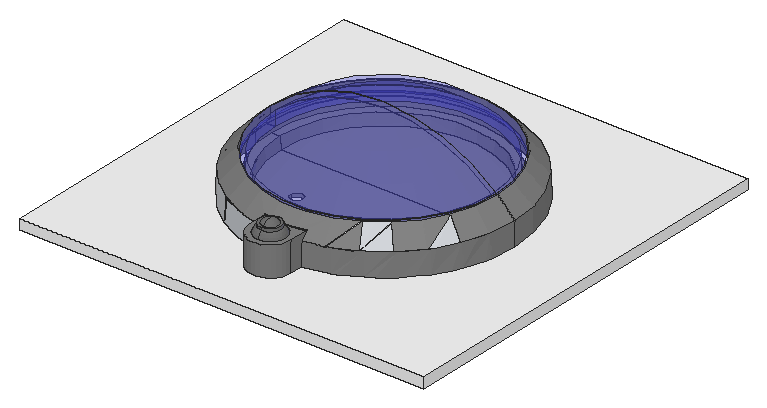
Revit family "BE_24193_de_DE", category Leuchten, Revit 2020
Family settings
  Basisbauteil = Fläche
  Bemaßung runder Anschluss = Durchmesser verwenden
  Teiletyp = Normal
  Beim Laden mit Abzugskörper schneiden = Ja
  Lichtquelle = Ja
  Gemeinsam genutzt = Nein
  Raumberechnungspunkt = Ja
Parameters (values of type "BEGA_24193_Grafit_K3")
  built-in parameter 1150104 = 15.589 (stored number, unit not read)
  Wattage = 12.9 W
  Default Elevation = 0 mm
  built-in parameter 1150113 = 1 (stored number, unit not read)
  built-in parameter 1114218 = 1 (stored number, unit not read)
  Umgebungstemperatur = "25 °C"
  URL = "https://www.bega.com/de/produkt/24193"
  Typenkommentare = "© 2022 BEGA. Wir behalten uns das Recht vor, technische Änderungen ohne vorherige Ankündigung vorzunehmen."  # constant formula
  Type Image = 24193.png
  built-in parameter 1150134 = (empty or 0)
  built-in parameter 1150109 = 1 (stored number, unit not read)
  Strom = ""
  built-in parameter 1150110 = 1 (stored number, unit not read)
  Spannung = 239.996 V
  Sonderanfertigung = no
  Seriennummer [instance] = "Hier können Sie die eindeutige Seriennummer für das Facility Management eintragen."
  Schutzklasse = "I"
  Schutzart = "IP 65"
  Scheinlast = 0 VA
  Produktdatenblatt = "https://cdn.bega.com/bega/products/24193K4/current/documents/data-sheets/de"
  Oberflächentemperatur = ""
  Neigungswinkel = 0.00°
  Modell = "24193K3"
  Material_18 = BEGA_Gummi_schwarz
  Material_17 = BEGA_Reflektor
  Material_15 = BEGA_Leuchtmedium_matt
  Material_14 = BEGA_Kunststoff_opal
  Material_11 = BEGA_Glas_opal
  Material_09 = BEGA_Glas_klar
  Material_06 = BEGA_Oberfläche_Edelstahl_gebürstet
  Material_03 = BEGA_Oberfläche_Weiss_matt
  Material_02 = BEGA_Oberfläche_Silber_matt
  Material_01 [instance] = BEGA_Oberfläche_Grafit_matt
  M_W = no
  M_G = yes
  M_A = no
  Logo = 0
  built-in parameter 1114217 = 1 (stored number, unit not read)
  built-in parameter 1150139 = (empty or 0)
  built-in parameter 1150105 = 172.25 (stored number, unit not read)
  built-in parameter 1150114 = 1 (stored number, unit not read)
  Lumens = 2164.62 lm
  built-in parameter 1150115 = 1 (stored number, unit not read)
  Leuchtenlichtstrom = "1717 lm"
  Leuchtenanzahl = ""
  Lebensdauerkriterien = "L70B50 @ 25 °C = 155000 h"
  Lastklassifizierung = Beleuchtung
  built-in parameter 1150112 = 1 (stored number, unit not read)
  Lampenlichtstrom = "2165 lm"
  Lampe = "LED 12.9 W"
  LED_Modulbezeichnung = "LED-1183/830"
  built-in parameter 1150142 = (empty or 0)
  Hersteller = "BEGA"  # constant formula
  Halbstreuwinkel = ""
  Gewicht = "2.05 kg"
  Gebrauchslageneinschränkung [instance] = ""
  Frequenz = "0/50-60 Hz"
  Farbwiedergabeindex = "CRI > 80"
  Farbtemperaturverschiebung bei Dämpfen der Lampe = <Keine Auswahl>
  Farbtemperatur = "3000 K"
  Color Filter = 16777215
  built-in parameter 1150133 = 10 (stored number, unit not read)
  Energieeffizienzklasse = "LED A++ - A"
  built-in parameter 1150137 = (empty or 0)
  built-in parameter 1150132 = (empty or 0)
  ENEC = ""
  Datei für fotometrisches Netz = "BE_24193K3.IES"
  CE_Konformität = "ja"
  Bestellnummer = "24193K3"
  Beschreibung_Sonderanfertigung = "Hier können Sie Informationen zur Sonderanfertigung eintragen."
  Beschreibung = "Wandleuchte mit PIR-Bewegungs- und Lichtsensor"
  built-in parameter 1150106 = 1.7225 (stored number, unit not read)
  Befestigungsbohrung = "Ø 4,5 mm"
  Befestigungsabstand = "236 mm"
  Ballwurfsicher = ""
  BEGA_Intern_aus = yes
  BEGA_Intern_an = yes
  BEGA_Intern_Konstruktion = yes
  BEGA_Intern = yes
  BEGA_IES = yes
  BEGA_Dummy = no
  Anschlussleitung = ""
  Anschlussleistung [instance] = "15.7 W"
  built-in parameter 1150107 = 3000 (stored number, unit not read)
  built-in parameter 1150102 = (empty or 0)
  built-in parameter 1150138 = (empty or 0)
  Aktualisierung = "2022-05-18T04:00:07"
  Abstand_zur_angestrahlten_Fläche [instance] = ""
  AC/DC = "AC/DC"
Types (4, lengths in mm): name | built-in parameter 1150104 | built-in parameter 1150134 | Modell | M_G | M_A | built-in parameter 1150105 | Lumens | Leuchtenlichtstrom | Lampenlichtstrom | LED_Modulbezeichnung | Farbtemperatur | Datei für fotometrisches Netz | Bestellnummer | built-in parameter 1150106 | built-in parameter 1150107
  BEGA_24193_Silber_K3 | 15.589 (stored number, unit not read) | (empty or 0) | "24193AK3" | no | yes | 172.25 (stored number, unit not read) | 2164.62 lm | "1717 lm" | "2165 lm" | "LED-1183/830" | "3000 K" | "BE_24193K3.IES" | "24193AK3" | 1.7225 (stored number, unit not read) | 3000 (stored number, unit not read)
  BEGA_24193_Silber_K4 | 16.388 (stored number, unit not read) | 12 | "24193AK4" | no | yes | 181.08 (stored number, unit not read) | 2275.56 lm | "1804 lm" | "2275 lm" | "LED-1183/840" | "4000 K" | "BE_24193K4.IES" | "24193AK4" | 1.8108 (stored number, unit not read) | 4000 (stored number, unit not read)
  BEGA_24193_Grafit_K4 | 16.388 (stored number, unit not read) | 12 | "24193K4" | yes | no | 181.08 (stored number, unit not read) | 2275.56 lm | "1804 lm" | "2275 lm" | "LED-1183/840" | "4000 K" | "BE_24193K4.IES" | "24193K4" | 1.8108 (stored number, unit not read) | 4000 (stored number, unit not read)
  BEGA_24193_Grafit_K3 | 15.589 (stored number, unit not read) | (empty or 0) | "24193K3" | yes | no | 172.25 (stored number, unit not read) | 2164.62 lm | "1717 lm" | "2165 lm" | "LED-1183/830" | "3000 K" | "BE_24193K3.IES" | "24193K3" | 1.7225 (stored number, unit not read) | 3000 (stored number, unit not read)
Reference planes
  plane 1 "Mitte (Vorne/Hinten)": y = 0
  plane 2: z = 0
  plane 3 "Mitte (Links/Rechts)": x = 0
  plane 4 "Links": x = -130
  plane 5 "Rechts": x = 130
  plane 6 "Unten": y = -161
  plane 7 "Oben": y = 130
  plane 8 "Vorne": z = 86
  plane 9 "Hinten": z = 0
Forms (mm)
  Extrusion 1, solid, material "BEGA_Platte_Weiss"
    sketch origin (0, -1119.2, 0) x (1, 0, 0) y (0, 1, 0)
      loop
        line (-200, 1319.2) -> (-200, 919.2) -> (200, 919.2) -> (200, 1319.2) -> (-200, 1319.2)
    from 0 to -10
  Extrusion 2, solid, material "BEGA_Dummy_matt", visible <- "BEGA_Dummy"
    sketch origin (77.149, -76.023, 0) x (1, 0, 0) y (0, 1, 0)
      loop
        circle (-77.149, 76.023) r 161
    from 0 to 86
Dimensions and locks
  plane 1 "Mitte (Vorne/Hinten)" to Extrusion 1 = 200 mm
  aligned and locked: plane 2 to Extrusion 1
  aligned and locked: level to Extrusion 1
Nested families
  nested 1: "BE_24193" at (0, 0, 0), type "BE_24193"
Connectors
  electrical at (0, 0, 0), driven by "Lastklassifizierung", driven by "Spannung", driven by "Scheinlast"
    settings: index 1, voltage 239.996 V, apparent load 0 VA, apparent load phase1 0 VA, apparent load phase2 0 VA, apparent load phase3 0 VA, power factor 1, load classification "Beleuchtung", number of poles 1, system type 31, power factor state 1, is connector primary yes, connector utility no, sub classification motor no, connector description ""
Definition of nested family "BE_24193"
  Parameters (values of type "BE_24193")
    Default Elevation = 1 mm
    URL = "http://www.bega.de/de/produkt"
    Type Comments = "© 2015 BEGA. Wir behalten uns das Recht vor, technische Änderungen ohne vorherige Ankündigung vorzunehmen. "  # constant formula
    Type Image = (empty or 0)
    Neigungswinkel_um_Z2 = 0.00°
    Neigungswinkel_um_Z1 = 0.00°
    Neigungswinkel_um_Y2 = 0.00°
    Neigungswinkel_um_Y1 = 0.00°
    Neigungswinkel_um_X2 = 0.00°
    Neigungswinkel_um_X1 = 0.00°
    Material_18 = none
    Material_17 = none
    Material_15 = none
    Material_14 = none
    Material_11 = none
    Material_09 = none
    Material_06 = none
    Material_02 = none
    Material_01 = none
    M_W = yes
    M_G = yes
    M_A = yes
    Länge_Platte = 200 mm  # constant formula
    Höhe_Platte = -10 mm  # constant formula
    Manufacturer = "BEGA"  # constant formula
    Drehwinkel_um_Z2 = 0.00°
    Drehwinkel_um_Z1 = 0.00°
    Breite_Platte = 200 mm  # constant formula
  Reference planes
    plane 1 "Mitte (Oben/Unten)": y = 0
    plane 2: z = 0
    plane 3 "Mitte (Links/Rechts)": x = 0
    plane 4 "Vorne": z = 86
    plane 5 "Rechts": x = 130
    plane 6 "Oben": y = 130
    plane 7: x = -130
    plane 8: y = -161
  Forms (mm)
    Extrusion 1, solid, detail levels medium
      sketch origin (0, 0, 0) x (1, 0, 0) y (0, 1, 0)
        loop
          line (-100, 100) -> (-100, -100) -> (100, -100) -> (100, 100) -> (-100, 100)
      from 0 to -10 <- "Höhe_Platte"
    Revolve 2, solid, material <- "Material_14"
      sketch origin (0, 0, 0) x (1, 0, 0) y (0, 0, 1)
        loop
          arc (0, 85.441) -> (-59.627, 74.573) -> (-111.585, 43.365) r 168.999
          line (-111.585, 43.365) -> (-112.017, 31) -> (-115.862, 31) -> (-116.036, 26) -> (-107.188, 26) -> (-106.664, 41.016)
          arc (-106.664, 41.016) -> (-56.859, 70.269) -> (0, 80.441) r 164.002
          line (0, 80.441) -> (0, 85.441)
        axis (0, 85.441) -> (0, 26)
      angle from 0 to 360
    Revolve 3, solid
      sketch origin (0, 0, 0) x (1, 0, 0) y (0, 0, 1)
        loop
          arc (-112.664, 42.63) -> (-121.237, 34.401) -> (-129.211, 25.591) r 169
          line (-129.211, 25.591) -> (-130, 3) -> (-127.4, 3) -> (-126.651, 24.435)
          arc (-126.651, 24.435) -> (-122.893, 28.702) -> (-118.991, 32.838) r 166.3
          line (-118.991, 32.838) -> (-113, 33.014) -> (-112.664, 42.63)
        axis (0, 3) -> (0, 42.63)
      angle from 0 to 360
    Revolve 4, solid, material <- "Material_01"
      sketch origin (0, 0, 0) x (1, 0, 0) y (0, 0, 1)
        loop
          line (-111.681, 0) -> (-108, 0) -> (-107.623, 10.8) -> (-105.2, 10.8) -> (-104.99, 4.8) -> (0, 4.8) -> (0, 7.6) -> (-102.084, 7.6) -> (-102.5, 19.5) -> (-111.14, 19.5) -> (-111.07, 17.5) -> (-111.681, 0)
        axis (0, 0) -> (0, 19.5)
      angle from 0 to 360
    Revolve 5, solid, material <- "Material_01", visible <- "M_G"
      sketch origin (0, 0, 0) x (1, 0, 0) y (0, 0, 1)
        loop
          arc (-112.664, 42.63) -> (-121.237, 34.401) -> (-129.211, 25.591) r 169
          line (-129.211, 25.591) -> (-130, 3) -> (-127.4, 3) -> (-126.651, 24.435)
          arc (-126.651, 24.435) -> (-122.893, 28.702) -> (-118.991, 32.838) r 166.3
          line (-118.991, 32.838) -> (-113, 33.014) -> (-112.664, 42.63)
        axis (0, 3) -> (0, 42.63)
      angle from 0 to 360
    Extrusion 6, solid, material <- "Material_01"
      sketch origin (0, 0, 0) x (1, 0, 0) y (0, 1, 0)
        loop
          arc (-122.07, 15.099) -> (-123, 0) -> (-122.07, -15.099) r 123
          line (-122.07, -15.099) -> (-108.551, -17.482)
          arc (-108.551, -17.482) -> (-109.95, 0) -> (-108.551, 17.482) r 109.95
          line (-108.551, 17.482) -> (-122.07, 15.099)
        loop
          arc (-119.806, 7.818) -> (-120.061, 0.077) -> (-119.816, -7.663) r 120.061
          arc (-119.816, -7.663) -> (-117.312, -10.06) -> (-114.714, -7.765) r 2.561
          arc (-114.714, -7.765) -> (-114.962, -0.016) -> (-114.71, 7.733) r 120.061
          arc (-114.71, 7.733) -> (-117.295, 10.06) -> (-119.816, 7.663) r 2.561
        loop
          line (122.07, 15.099) -> (108.551, 17.482)
          arc (108.551, 17.482) -> (109.95, 0) -> (108.551, -17.482) r 109.95
          line (108.551, -17.482) -> (122.07, -15.099)
          arc (122.07, -15.099) -> (123, 0) -> (122.07, 15.099) r 123
        loop
          arc (119.816, -7.663) -> (120.061, 0) -> (119.816, 7.663) r 120.061
          arc (119.816, 7.663) -> (117.48, 10.051) -> (114.77, 8.097) r 2.561
          arc (114.77, 8.097) -> (115.041, 0.008) -> (114.766, -8.081) r 120.061
          arc (114.766, -8.081) -> (117.471, -10.052) -> (119.816, -7.663) r 2.561
      from 0 to 3.077
    Revolve 7, solid, material <- "Material_02", visible <- "M_A"
      sketch origin (0, 0, 0) x (1, 0, 0) y (0, 0, 1)
        loop
          arc (-112.664, 42.63) -> (-121.237, 34.401) -> (-129.211, 25.591) r 169
          line (-129.211, 25.591) -> (-130, 3) -> (-127.4, 3) -> (-126.651, 24.435)
          arc (-126.651, 24.435) -> (-122.893, 28.702) -> (-118.991, 32.838) r 166.3
          line (-118.991, 32.838) -> (-113, 33.014) -> (-112.664, 42.63)
        axis (0, 3) -> (0, 42.63)
      angle from 0 to 360
    Extrusion 8, void
      sketch origin (0, 0, 0) x (1, 0, 0) y (0, 1, 0)
        loop
          circle (-45.491, -50.894) r 6.005
        loop
          circle (45.491, -50.894) r 6.005
      from 0 to 20.35
    Extrusion 9, void
      sketch origin (0, 0, 0) x (1, 0, 0) y (0, 1, 0)
        loop
          arc (-20.5, -140.5) -> (0, -161) -> (20.5, -140.5) r 20.5
          line (20.5, -140.5) -> (20.5, -121.202)
          arc (20.5, -121.202) -> (0, -123.541) -> (-20.5, -121.202) r 91.041
          line (-20.5, -121.202) -> (-20.5, -140.5)
      from 0 to 250
    Extrusion 10, solid, material <- "Material_01", visible <- "M_G"
      sketch origin (0, 0, 0) x (1, 0, 0) y (0, 1, 0)
        loop
          line (20.5, -140.5) -> (20.5, -121.202)
          arc (20.5, -121.202) -> (0, -123.541) -> (-20.5, -121.202) r 91.041
          line (-20.5, -121.202) -> (-20.5, -140.5)
          arc (-20.5, -140.5) -> (0, -161) -> (20.5, -140.5) r 20.5
        loop
          circle (0, -140.5) r 15.1
      from 3 to 32
    Revolve 11, solid, material <- "Material_18"
      sketch origin (0, 0, 0) x (0, 1, 0) y (0, 0, 1)
        loop
          line (-140.45, 44.73) -> (-140.45, 27.7) -> (-125.45, 27.7)
          arc (-125.45, 27.7) -> (-126.605, 33.472) -> (-129.892, 38.355) r 15
          line (-129.892, 38.355) -> (-129.973, 40.671) -> (-132.793, 40.671)
          arc (-132.793, 40.671) -> (-136.117, 43.652) -> (-140.45, 44.73) r 9.251
        axis (-140.45, 27.7) -> (-140.45, 44.73)
      angle from 0 to 360
    Extrusion 12, solid, material <- "Material_02", visible <- "M_A"
      sketch origin (0, 0, 0) x (1, 0, 0) y (0, 1, 0)
        loop
          line (20.5, -140.5) -> (20.5, -121.202)
          arc (20.5, -121.202) -> (0, -123.541) -> (-20.5, -121.202) r 91.041
          line (-20.5, -121.202) -> (-20.5, -140.5)
          arc (-20.5, -140.5) -> (0, -161) -> (20.5, -140.5) r 20.5
        loop
          circle (0, -140.5) r 15.1
      from 3 to 32
  Cuts and joins
    Extrusion 8 cuts Revolve 4
    Extrusion 8 cuts Extrusion 6
    joined: Revolve 4, Extrusion 6
    Extrusion 8 cuts Revolve 2
    Extrusion 9 cuts Revolve 3
    Extrusion 9 cuts Revolve 5
    Extrusion 9 cuts Revolve 7
  Dimensions and locks
    equal spacing: Extrusion 1 sketch curve, plane 3 "Mitte (Links/Rechts)", Extrusion 1 sketch curve
    equal spacing: Extrusion 1 sketch curve, plane 1 "Mitte (Oben/Unten)", Extrusion 1 sketch curve
    "Länge_Platte": Extrusion 1 sketch curve to Extrusion 1 sketch curve
    "Breite_Platte": Extrusion 1 sketch curve to Extrusion 1 sketch curve
    aligned and locked: plane 2 to Extrusion 1
    aligned and locked: level to Extrusion 1
  Automatic sketch dimensions
    level to Revolve 2 sketch curve = 26 mm
    Revolve 2 sketch curve to Revolve 2 sketch curve = 0.175 mm
    level to Revolve 2 sketch curve = 31 mm
    Revolve 2 sketch curve to Revolve 2 sketch curve = 3.845 mm
    Revolve 2 sketch curve to Revolve 2 sketch curve = 0.432 mm
    Revolve 2 sketch curve to Revolve 2 sketch curve = 4.828 mm
    Revolve 2 sketch curve to Revolve 2 sketch curve = 4.921 mm
    Revolve 2 sketch curve to plane 3 "Mitte (Links/Rechts)" = 0 mm
    plane 3 "Mitte (Links/Rechts)" to Revolve 2 sketch curve = 0 mm
    plane 3 "Mitte (Links/Rechts)" to Revolve 2 sketch curve = 0.001 mm
    Revolve 2 sketch curve to Revolve 2 sketch curve = 0.002 mm
    Revolve 2 sketch curve to Revolve 2 sketch curve = 10.016 mm
    Revolve 2 sketch curve to Revolve 2 sketch curve = 2.35 mm
    Revolve 2 sketch curve to Revolve 2 sketch curve = 0 mm  (x3)
    Revolve 3 sketch curve to plane 3 "Mitte (Links/Rechts)" = 0 mm  (x2)
    level to Revolve 3 sketch curve = 42.63 mm
    level to Revolve 3 sketch curve = 33.014 mm
    Revolve 3 sketch curve to Revolve 3 sketch curve = 0.336 mm
    level to Revolve 3 sketch curve = 32.838 mm
    Revolve 3 sketch curve to Revolve 3 sketch curve = 5.992 mm
    level to Revolve 3 sketch curve = 24.435 mm
    Revolve 3 sketch curve to Revolve 3 sketch curve = 7.66 mm
    level to Revolve 3 sketch curve = 3 mm
    Revolve 3 sketch curve to Revolve 3 sketch curve = 0.749 mm
    level to Revolve 3 sketch curve = 25.591 mm
    Revolve 3 sketch curve to Revolve 3 sketch curve = 2.56 mm
    Revolve 3 sketch curve to Revolve 3 sketch curve = 2.6 mm
    plane 3 "Mitte (Links/Rechts)" to Revolve 3 sketch curve = 0 mm
    level to Revolve 3 sketch curve = 8.328 mm
    Revolve 3 sketch curve to Revolve 3 sketch curve = 17.672 mm
    Revolve 4 sketch curve to level = 0 mm
    Revolve 4 sketch curve to plane 3 "Mitte (Links/Rechts)" = 0 mm  (x3)
    level to Revolve 4 sketch curve = 7.6 mm
    Revolve 4 sketch curve to Revolve 4 sketch curve = 0.416 mm
    Revolve 4 sketch curve to Revolve 4 sketch curve = 2.906 mm
    level to Revolve 4 sketch curve = 10.8 mm
    Revolve 4 sketch curve to Revolve 4 sketch curve = 3.116 mm
    Revolve 4 sketch curve to Revolve 4 sketch curve = 2.423 mm
    Revolve 4 sketch curve to Revolve 4 sketch curve = 3.01 mm
    level to Revolve 4 sketch curve = 17.5 mm
    Revolve 4 sketch curve to Revolve 4 sketch curve = 3.447 mm
    Revolve 4 sketch curve to Revolve 4 sketch curve = 0.07 mm
    Revolve 4 sketch curve to Revolve 4 sketch curve = 3.681 mm
    Revolve 4 sketch curve to Revolve 4 sketch curve = 2.8 mm
    Revolve 4 sketch curve to Revolve 4 sketch curve = 2 mm
    Revolve 4 sketch curve to Revolve 4 sketch curve = 0 mm
    Revolve 4 sketch curve to Revolve 4 sketch curve = 18.4 mm
    Revolve 5 sketch curve to plane 3 "Mitte (Links/Rechts)" = 0 mm  (x2)
    Revolve 5 sketch curve to level = 0 mm
    level to Revolve 5 sketch curve = 42.63 mm
    level to Revolve 5 sketch curve = 33.014 mm
    Revolve 5 sketch curve to Revolve 5 sketch curve = 0.336 mm
    level to Revolve 5 sketch curve = 32.838 mm
    Revolve 5 sketch curve to Revolve 5 sketch curve = 5.992 mm
    level to Revolve 5 sketch curve = 24.435 mm
    Revolve 5 sketch curve to Revolve 5 sketch curve = 7.66 mm
    level to Revolve 5 sketch curve = 3 mm
    Revolve 5 sketch curve to Revolve 5 sketch curve = 0.749 mm
    level to Revolve 5 sketch curve = 25.591 mm
    Revolve 5 sketch curve to Revolve 5 sketch curve = 2.56 mm
    Revolve 5 sketch curve to Revolve 5 sketch curve = 2.6 mm
    plane 3 "Mitte (Links/Rechts)" to Revolve 5 sketch curve = 0 mm
    Revolve 5 sketch curve to Revolve 5 sketch curve = 27.529 mm
    Extrusion 6 sketch curve to Extrusion 6 sketch curve = 0 mm  (x19)
    plane 1 "Mitte (Oben/Unten)" to Extrusion 6 sketch curve = 0 mm
    Extrusion 6 sketch curve to plane 3 "Mitte (Links/Rechts)" = 0 mm
    Extrusion 6 sketch curve to plane 1 "Mitte (Oben/Unten)" = 0.037 mm
    Extrusion 6 sketch curve to plane 3 "Mitte (Links/Rechts)" = 5.02 mm
    plane 1 "Mitte (Oben/Unten)" to Extrusion 6 sketch curve = 7.5 mm
    Extrusion 6 sketch curve to plane 1 "Mitte (Oben/Unten)" = 7.5 mm  (x2)
    plane 1 "Mitte (Oben/Unten)" to Extrusion 6 sketch curve = 0.041 mm
    plane 3 "Mitte (Links/Rechts)" to Extrusion 6 sketch curve = 5.098 mm
    Extrusion 6 sketch curve to Extrusion 6 sketch curve = 2.55 mm
    Extrusion 6 sketch curve to Extrusion 6 sketch curve = 2.547 mm
    Extrusion 6 sketch curve to Extrusion 6 sketch curve = 6.159 mm
    plane 1 "Mitte (Oben/Unten)" to Extrusion 6 sketch curve = 17.482 mm
    Extrusion 6 sketch curve to Extrusion 6 sketch curve = 6.162 mm
    Extrusion 6 sketch curve to Extrusion 6 sketch curve = 2.545 mm
    Extrusion 6 sketch curve to Extrusion 6 sketch curve = 2.555 mm  (x2)
    Extrusion 6 sketch curve to Extrusion 6 sketch curve = 0.01 mm
    Extrusion 6 sketch curve to plane 1 "Mitte (Oben/Unten)" = 15.099 mm  (x2)
    Extrusion 6 sketch curve to Extrusion 6 sketch curve = 13.519 mm  (x4)
    plane 1 "Mitte (Oben/Unten)" to Extrusion 6 sketch curve = 15.099 mm  (x2)
    Extrusion 6 sketch curve to Extrusion 6 sketch curve = 2.494 mm
    Extrusion 6 sketch curve to Extrusion 6 sketch curve = 2.49 mm
    Extrusion 6 sketch curve to plane 1 "Mitte (Oben/Unten)" = 17.482 mm
    Extrusion 6 sketch curve to Extrusion 6 sketch curve = 6.219 mm
    Extrusion 6 sketch curve to Extrusion 6 sketch curve = 8.709 mm
    Extrusion 6 sketch curve to Extrusion 6 sketch curve = 0.581 mm
    Extrusion 6 sketch curve to Extrusion 6 sketch curve = 0.163 mm  (x2)
    Revolve 7 sketch curve to plane 3 "Mitte (Links/Rechts)" = 0 mm  (x2)
    Revolve 7 sketch curve to level = 0 mm
    level to Revolve 7 sketch curve = 42.63 mm
    level to Revolve 7 sketch curve = 33.014 mm
    Revolve 7 sketch curve to Revolve 7 sketch curve = 0.336 mm
    level to Revolve 7 sketch curve = 32.838 mm
    Revolve 7 sketch curve to Revolve 7 sketch curve = 5.992 mm
    level to Revolve 7 sketch curve = 24.435 mm
    Revolve 7 sketch curve to Revolve 7 sketch curve = 7.66 mm
    level to Revolve 7 sketch curve = 3 mm
    Revolve 7 sketch curve to Revolve 7 sketch curve = 0.749 mm
    level to Revolve 7 sketch curve = 25.591 mm
    Revolve 7 sketch curve to Revolve 7 sketch curve = 2.56 mm
    Revolve 7 sketch curve to Revolve 7 sketch curve = 2.6 mm
    plane 3 "Mitte (Links/Rechts)" to Revolve 7 sketch curve = 0 mm
    Revolve 7 sketch curve to Revolve 7 sketch curve = 27.529 mm
    Extrusion 8 sketch curve to plane 3 "Mitte (Links/Rechts)" = 45.491 mm
    plane 3 "Mitte (Links/Rechts)" to Extrusion 8 sketch curve = 45.491 mm
    plane 1 "Mitte (Oben/Unten)" to Extrusion 8 sketch curve = 50.894 mm  (x2)
    plane 7 to Revolve 2 sketch curve = 23.336 mm
    Revolve 3 sketch curve to plane 7 = 0 mm
    plane 7 to Revolve 4 sketch curve = 27.916 mm
    Revolve 5 sketch curve to plane 7 = 0 mm
    Revolve 7 sketch curve to plane 7 = 0 mm
    Revolve 2 sketch curve to level = 83.558 mm
    Extrusion 9 sketch curve to plane 3 "Mitte (Links/Rechts)" = 0 mm  (x2)
    Extrusion 9 sketch curve to Extrusion 9 sketch curve = 20.5 mm
    plane 1 "Mitte (Oben/Unten)" to Extrusion 9 sketch curve = 32.5 mm
    Extrusion 10 sketch curve to plane 3 "Mitte (Links/Rechts)" = 0 mm  (x2)
    plane 1 "Mitte (Oben/Unten)" to Extrusion 10 sketch curve = 32.5 mm
    Extrusion 10 sketch curve to plane 3 "Mitte (Links/Rechts)" = 20.5 mm
    Extrusion 10 sketch curve to Extrusion 10 sketch curve = 0 mm  (x3)
    level to Revolve 11 sketch curve = 27.7 mm
    Revolve 11 sketch curve to Revolve 11 sketch curve = 7.779 mm
    Revolve 11 sketch curve to Revolve 11 sketch curve = 2.315 mm
    Revolve 11 sketch curve to Revolve 11 sketch curve = 0 mm  (x2)
    Revolve 11 sketch curve to Revolve 11 sketch curve = 0.192 mm
    Revolve 11 sketch curve to Revolve 11 sketch curve = 2.03 mm
    Extrusion 12 sketch curve to Extrusion 12 sketch curve = 0 mm  (x3)
    Extrusion 12 sketch curve to plane 3 "Mitte (Links/Rechts)" = 0 mm  (x2)
    Extrusion 12 sketch curve to plane 3 "Mitte (Links/Rechts)" = 20.5 mm
    plane 1 "Mitte (Oben/Unten)" to Extrusion 12 sketch curve = 32.5 mm
    Extrusion 9 sketch curve to Extrusion 9 sketch curve = 88.702 mm
    Extrusion 9 sketch curve to Extrusion 9 sketch curve = 19.298 mm
    Extrusion 10 sketch curve to Extrusion 10 sketch curve = 88.702 mm
    Extrusion 10 sketch curve to Extrusion 10 sketch curve = 19.298 mm
    plane 1 "Mitte (Oben/Unten)" to Revolve 11 sketch curve = 140.45 mm
    Revolve 11 sketch curve to Revolve 11 sketch curve = 7.657 mm
    Revolve 11 sketch curve to Revolve 11 sketch curve = 2.82 mm
    level to Revolve 11 sketch curve = 38.355 mm
    Revolve 11 sketch curve to Revolve 11 sketch curve = 0.081 mm
    Extrusion 12 sketch curve to Extrusion 12 sketch curve = 88.702 mm
    Extrusion 12 sketch curve to Extrusion 12 sketch curve = 19.298 mm
    radius of Extrusion 8 sketch curve = 6.005 mm  (x2)
    radius of Extrusion 10 sketch curve = 15.1 mm
    radius of Extrusion 12 sketch curve = 15.1 mm
